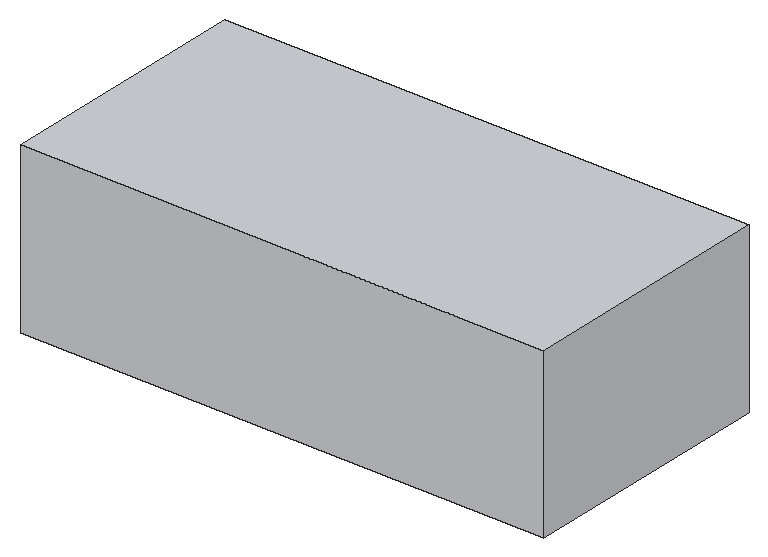
Revit family "ElectronicsBenchTopDouble", category Furniture, Revit 2025
Family settings
  OmniClass Number = 23.40.20.00
  OmniClass Title = General Furniture and Specialties
  Work Plane-Based = No
  Enable Cutting in Views = No
  Always vertical = Yes
  Cut with Voids When Loaded = No
  Render Appearance Source = Family Geometry
  Shared = No
  Room Calculation Point = No
Parameters
  Default Elevation = 0 mm
Reference planes
  plane 1 "Center (Front/Back)": y = 0
  plane 2: z = 0
  plane 3 "Center (Left/Right)": x = 0
Forms (mm)
  Extrusion 1, solid
    sketch origin (0, 0, 0) x (1, 0, 0) y (0, 1, 0)
      loop
        line (-460, 0) -> (320, 0) -> (320, 380) -> (-460, 380) -> (-460, 0)
    from 0 to 250
Dimensions and locks
  aligned and locked: level to plane 2
